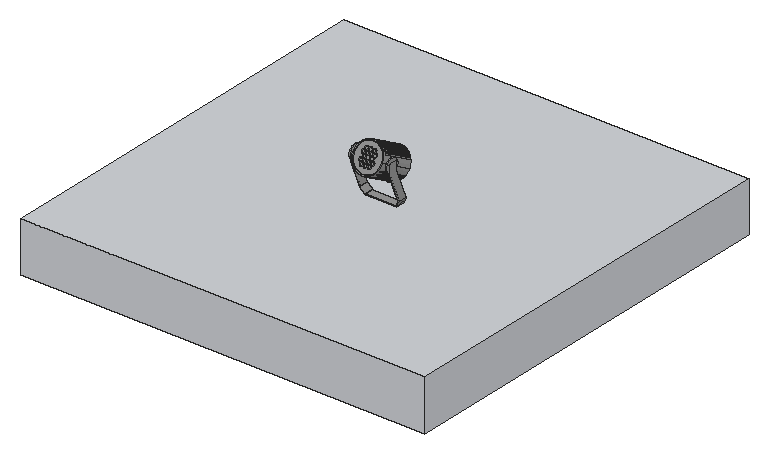
Revit family "LAMP_SHOT LED G2", category Modelos genéricos, Revit 2015
Parameters (values of type "4112LM 3000 MEDIUM FLOOD GR")
  Weight = 6.378 kg
  Type = "HI POWER NICHIA"
  Tilting [instance] = 30.00°
  Protection rating = "IP65 / IK05"
  Product datasheet = "http://www.lamp.es/product-files/TECH/SH250MF830NG-EN.pdf"
  Product code = "SH250MF830NG"
  Product URL = "http://www.lamp.es/en/family/shot_33486"
  Power Supply = "220-240V 50-60Hz"
  Power = 37 W
  Plum = 41 W
  Photometric web file = Cabeza Shot g2 : 4112LM 3000 MEDIUM FLOOD GR
  Modelo = Product code  # "SH250MF830NG"
  Model explanation = "Availability of tilting between -50º and 230º when placed in a project."
  Material lira = LAMP_Aluminio Shot
  Manufacturer name = "LAMP"
  Manufacturer country = "Spain"
  Manufacturer URL = "http://www.lamp.es/en"
  MacAdam = "3"
  Luminaire type = "Outdoor - Spotlight"
  Last update = "12/06/2019"
  Lamp = "HIGH POWER LED"
  LED Lifetime = "60.000 L90 B10"
  Insulation class = "I"
  Installation instructions = "https://www.lamp.es/product-files/INS/1004640-A-INSTR.%20SHOT%20G2.pdf"
  Initial intensity = 4112 lm
  Initial color = 3000 K
  IEE = "A+"
  Gear = "Electronic"
  Finish = "Texturised grey"
  Fabricante = Manufacturer name  # "LAMP"
  Default Elevation = 1219.2 mm
  Efficacy = 100.3 lm/W
  Descripción = "SHOT G2 5000 MFL 80 WW GR"
  Comentarios de tipo = Model explanation  # "Availability of tilting between -50º and 230º when placed in a project."
  CRI = "80"
  Angulo de rotacion [instance] = if(Tilting > 230.00°, 220.00°, if(Tilting < -50.00°, 140.00°, -Tilting + 90.00°))  # 60.00°
Reference planes
  plane 1 "Centro (Frontal/Posterior)": y = 0
  plane 2: z = 0
  plane 3 "Centro (Izquierda/Derecha)": x = 0
  plane 4: y = -82.648
  plane 5: z = 253.159
Forms (mm)
  Extrusion 1, solid
    sketch origin (0, 0, 0) x (1, 0, 0) y (0, 1, 0)
      loop
        line (-1219.2, 1219.2) -> (-1219.2, -1219.2) -> (1219.2, -1219.2) -> (1219.2, 1219.2) -> (-1219.2, 1219.2)
    from 0 to -304.8
  Extrusion 2, solid, material "LAMP_Aluminio Shot" <- "Material lira"
    sketch origin (0, 0, 0) x (0, 1, 0) y (0, 0, 1)
      loop
        line (25, 0) -> (25, 12.8) -> (-56.332, 221.405)
        arc (-56.332, 221.405) -> (-57.353, 224.974) -> (-57.698, 228.67) r 20
        line (-57.698, 228.67) -> (-57.698, 268.209) -> (-62.648, 273.159) -> (-102.648, 273.159) -> (-107.597, 268.209) -> (-107.597, 217.97)
        arc (-107.597, 217.97) -> (-107.253, 214.274) -> (-106.231, 210.705) r 20
        line (-106.231, 210.705) -> (-24.081, 0) -> (25, 0)
      loop
        circle (-64.448, 253.109) r 2.75
      loop
        circle (-100.847, 253.109) r 2.75
      loop
        circle (-82.648, 253.159) r 5.5
    from -117 to 117
  Extrusion 3, void
    sketch origin (0, 0, 0) x (1, 0, 0) y (0, 0, 1)
      loop
        arc (89.665, 4) -> (92.249, 4.719) -> (94.089, 6.67) r 5
        line (94.089, 6.67) -> (113.442, 43.423)
        arc (113.442, 43.423) -> (113.872, 44.553) -> (114.018, 45.753) r 5
        line (114.018, 45.753) -> (114.018, 273.159) -> (-114.018, 273.159) -> (-114.018, 45.214)
        arc (-114.018, 45.214) -> (-113.872, 44.014) -> (-113.442, 42.884) r 5
        line (-113.442, 42.884) -> (-94.373, 6.67)
        arc (-94.373, 6.67) -> (-92.533, 4.719) -> (-89.949, 4) r 5
        line (-89.949, 4) -> (89.665, 4)
      loop
        arc (97.769, 5.074) -> (94.273, 1.367) -> (89.363, 0) r 9.5
        line (89.363, 0) -> (129.363, 0) -> (129.363, 273.159) -> (118.018, 273.159) -> (118.018, 228.964) -> (118.018, 44.764)
        arc (118.018, 44.764) -> (117.872, 43.564) -> (117.442, 42.435) r 5
        line (117.442, 42.435) -> (97.769, 5.074)
      loop
        line (-97.769, 5.074) -> (-117.442, 42.435)
        arc (-117.442, 42.435) -> (-117.872, 43.564) -> (-118.018, 44.764) r 5
        line (-118.018, 44.764) -> (-118.018, 228.964) -> (-118.018, 273.159) -> (-122.492, 273.159) -> (-122.492, 0) -> (-89.363, 0)
        arc (-89.363, 0) -> (-94.273, 1.367) -> (-97.769, 5.074) r 9.5
    from -25 to 107.597
Cuts and joins
  Extrusion 3 cuts Extrusion 2
Lines and regions (mm)
  reference lines
    curve 1: line (0, -82.648, 253.159) -> (0, -135.524, 283.687)
Text (mm)
  text "Any modification of the parameters and properties of the LAMP BIM models must be executed and validated by the LAMP technical department.\n\nPhone: +34 93 736 68 00\n\nE-mail: lamp@lamp.es\n\n\n\nLAMP reserves the right to modify the technical specifications of its products." at (14293.96, 20715.492, -8509.343), in view "Preview"
Dimensions and locks
  "Angulo de rotacion": angle curve 1 to plane 4
  aligned and locked: plane 2 to Extrusion 1
  aligned and locked: level to Extrusion 1
  aligned and locked: plane 4 to curve 1
  aligned and locked: plane 5 to curve 1
Automatic sketch dimensions
  Extrusion 1 sketch curve to Extrusion 1 sketch curve = 2438.4 mm  (x2)
  Extrusion 2 sketch curve to plane 4 = 0 mm
  Extrusion 2 sketch curve to level = 0 mm
  plane 5 to Extrusion 2 sketch curve = 0 mm
  Extrusion 2 sketch curve to plane 4 = 4.95 mm
  plane 5 to Extrusion 2 sketch curve = 0.05 mm  (x2)
  Extrusion 2 sketch curve to plane 4 = 18.2 mm
  Extrusion 2 sketch curve to plane 4 = 20 mm
  Extrusion 2 sketch curve to Extrusion 2 sketch curve = 18.634 mm
  Extrusion 2 sketch curve to Extrusion 2 sketch curve = 4.95 mm  (x3)
  plane 4 to Extrusion 2 sketch curve = 18.2 mm
  plane 4 to Extrusion 2 sketch curve = 20 mm
  Extrusion 2 sketch curve to Extrusion 2 sketch curve = 1.366 mm
  Extrusion 2 sketch curve to Extrusion 2 sketch curve = 20 mm
  plane 1 "Centro (Frontal/Posterior)" to Extrusion 2 sketch curve = 24.081 mm
  Extrusion 2 sketch curve to plane 1 "Centro (Frontal/Posterior)" = 25 mm
  Extrusion 2 sketch curve to Extrusion 2 sketch curve = 12.8 mm
  plane 5 to Extrusion 2 sketch curve = 42.454 mm
  Extrusion 2 sketch curve to Extrusion 2 sketch curve = 3.435 mm
  Extrusion 2 sketch curve to plane 5 = 15.05 mm  (x2)
  Extrusion 3 sketch curve to level = 0 mm  (x2)
  Extrusion 3 sketch curve to plane 5 = 20 mm  (x2)
  Extrusion 3 sketch curve to plane 3 "Centro (Izquierda/Derecha)" = 122.492 mm
  Extrusion 3 sketch curve to Extrusion 3 sketch curve = 4.474 mm
  level to Extrusion 3 sketch curve = 42.435 mm  (x2)
  Extrusion 3 sketch curve to Extrusion 3 sketch curve = 0.576 mm  (x2)
  Extrusion 3 sketch curve to Extrusion 3 sketch curve = 4 mm  (x5)
  level to Extrusion 3 sketch curve = 42.884 mm
  Extrusion 3 sketch curve to Extrusion 3 sketch curve = 1 mm
  level to Extrusion 3 sketch curve = 5.074 mm  (x2)
  Extrusion 3 sketch curve to Extrusion 3 sketch curve = 24.723 mm
  level to Extrusion 3 sketch curve = 6.67 mm  (x2)
  Extrusion 3 sketch curve to Extrusion 3 sketch curve = 3.396 mm
  Extrusion 3 sketch curve to Extrusion 3 sketch curve = 4.424 mm  (x2)
  Extrusion 3 sketch curve to Extrusion 3 sketch curve = 0.586 mm
  level to Extrusion 3 sketch curve = 9.5 mm
  plane 3 "Centro (Izquierda/Derecha)" to Extrusion 3 sketch curve = 89.363 mm
  Extrusion 3 sketch curve to Extrusion 3 sketch curve = 0.302 mm
  Extrusion 3 sketch curve to Extrusion 3 sketch curve = 19.655 mm
  level to Extrusion 3 sketch curve = 43.423 mm
  Extrusion 3 sketch curve to Extrusion 3 sketch curve = 0.424 mm
  plane 3 "Centro (Izquierda/Derecha)" to Extrusion 3 sketch curve = 114.018 mm
  plane 5 to Extrusion 3 sketch curve = 24.194 mm  (x2)
  Extrusion 3 sketch curve to Extrusion 3 sketch curve = 11.345 mm
  level to Extrusion 3 sketch curve = 4 mm
  Extrusion 3 sketch curve to Extrusion 3 sketch curve = 0 mm
  radius of Extrusion 2 sketch curve = 2.75 mm  (x2)
  radius of Extrusion 2 sketch curve = 5.5 mm
Nested families
  nested 1: "Cabeza Shot g2" at (0, -1352.674, 986.409) x (-1, 0, 0) z (0, 0.866, -0.5), type <- "Photometric web file", type "4112LM 3000 MEDIUM FLOOD GR"
Connectors
  electrical at (0, 100.637, 203.616)
    settings: on nested 1, index 1, voltage 230 V, apparent load 0 VA, apparent load phase1 0 VA, apparent load phase2 0 VA, apparent load phase3 0 VA, power factor 1, load classification "Otro", number of poles 1, system type 31, power factor state 1, is connector primary yes, connector utility no, sub classification motor no, connector description ""
Definition of nested family "Cabeza Shot g2"
  Parameters (values of type "3850LM 4000 STREET ANT")
    Tilt Angle = 90.00°
    Wattage = 41 W
    built-in parameter 1150110 = 1 (stored number, unit not read)
    Material serigrafiado = none
    Material cristal = none
    Material cabeza = none
    built-in parameter 1114217 = 1 (stored number, unit not read)
    built-in parameter 1150109 = 1 (stored number, unit not read)
    Default Elevation = 1219.2 mm
    Dist. luz = 20 mm
    built-in parameter 1150134 = 12
    built-in parameter 1150113 = 1 (stored number, unit not read)
    Lumens = 3849.9 lm
    built-in parameter 1150115 = 1 (stored number, unit not read)
    built-in parameter 1150105 = 306.37 (stored number, unit not read)
    built-in parameter 1150137 = (empty or 0)
    built-in parameter 1150139 = (empty or 0)
    built-in parameter 1150112 = 1 (stored number, unit not read)
    built-in parameter 1150114 = 1 (stored number, unit not read)
    built-in parameter 1150132 = 2
    built-in parameter 1150102 = (empty or 0)
    built-in parameter 1150138 = (empty or 0)
    built-in parameter 1150107 = 4000 (stored number, unit not read)
    built-in parameter 1150106 = 3.0637 (stored number, unit not read)
    built-in parameter 1150104 = 8.7236 (stored number, unit not read)
    Dimming Lamp Color Temperature Shift = (empty or 0)
    Color Filter = 16777215
    built-in parameter 1114218 = 1 (stored number, unit not read)
    Photometric Web File = "SH250ST840NA_90.IES"
    built-in parameter 1150133 = 10 (stored number, unit not read)
  Types (21, lengths in mm): name | Wattage | built-in parameter 1150134 | Lumens | built-in parameter 1150105 | built-in parameter 1150107 | built-in parameter 1150106 | built-in parameter 1150104 | Photometric Web File
    (no name) | 41 W | 12 | 3849.9 lm | 306.37 (stored number, unit not read) | 4000 (stored number, unit not read) | 3.0637 (stored number, unit not read) | 8.7236 (stored number, unit not read) | "SH250ST840NA_90.IES"
    3850LM 4000 STREET ANT | 41 W | 12 | 3849.9 lm | 306.37 (stored number, unit not read) | 4000 (stored number, unit not read) | 3.0637 (stored number, unit not read) | 8.7236 (stored number, unit not read) | "SH250ST840NA_90.IES"
    3850LM 4000 STREET GR | 41 W | 12 | 3849.9 lm | 306.37 (stored number, unit not read) | 4000 (stored number, unit not read) | 3.0637 (stored number, unit not read) | 8.7236 (stored number, unit not read) | "SH250ST840NG_90.IES"
    4112LM 3000 MEDIUM FLOOD ANT | 41 W | (empty or 0) | 4112.3 lm | 1821.3 (stored number, unit not read) | 3000 (stored number, unit not read) | 18.213 (stored number, unit not read) | 9.3182 (stored number, unit not read) | "SH250MF830NA.IES"
    4112LM 3000 MEDIUM FLOOD GR | 41 W | (empty or 0) | 4112.3 lm | 1821.3 (stored number, unit not read) | 3000 (stored number, unit not read) | 18.213 (stored number, unit not read) | 9.3182 (stored number, unit not read) | "SH250MF830NG.IES"
    4112LM 4000 MEDIUM FLOOD ANT | 41 W | 12 | 4112.3 lm | 1821.3 (stored number, unit not read) | 4000 (stored number, unit not read) | 18.213 (stored number, unit not read) | 9.3182 (stored number, unit not read) | "SH250MF840NA.IES"
    4112LM 4000 MEDIUM FLOOD GR | 41 W | 12 | 4112.3 lm | 1821.3 (stored number, unit not read) | 4000 (stored number, unit not read) | 18.213 (stored number, unit not read) | 9.3182 (stored number, unit not read) | "SH250MF840NG.IES"
    4127LM 3000 SPOT ANT | 41 W | (empty or 0) | 4128.7 lm | 19397 (stored number, unit not read) | 3000 (stored number, unit not read) | 193.97 (stored number, unit not read) | 9.3553 (stored number, unit not read) | "SH250SP830NA.IES"
    4127LM 3000 SPOT GR | 41 W | (empty or 0) | 4128.7 lm | 19397 (stored number, unit not read) | 3000 (stored number, unit not read) | 193.97 (stored number, unit not read) | 9.3553 (stored number, unit not read) | "SH250SP830NG.IES"
    4127LM 4000 SPOT ANT | 41 W | 12 | 4128.7 lm | 19397 (stored number, unit not read) | 4000 (stored number, unit not read) | 193.97 (stored number, unit not read) | 9.3553 (stored number, unit not read) | "SH250SP840NA.IES"
    4127LM 4000 SPOT GR | 41 W | 12 | 4128.7 lm | 19397 (stored number, unit not read) | 4000 (stored number, unit not read) | 193.97 (stored number, unit not read) | 9.3553 (stored number, unit not read) | "SH250SP840NG.IES"
    5050LM 4000 STREET ANT | 61.2 W | 12 | 5049 lm | 75359.2 (stored number, unit not read) | 4000 (stored number, unit not read) | 753.59 (stored number, unit not read) | 7.6645 (stored number, unit not read) | "SH270ST840NA_90.IES"
    5050LM 4000 STREET GR | 61.2 W | 12 | 5049 lm | 75359.2 (stored number, unit not read) | 4000 (stored number, unit not read) | 753.59 (stored number, unit not read) | 7.6645 (stored number, unit not read) | "SH270ST840NG_90.IES"
    5396LM 3000 MEDIUM FLOOD ANT | 61.2 W | (empty or 0) | 5397.84 lm | 2402.3 (stored number, unit not read) | 3000 (stored number, unit not read) | 24.023 (stored number, unit not read) | 8.194 (stored number, unit not read) | "SH270MF830NA.IES"
    5396LM 3000 MEDIUM FLOOD GR | 61.2 W | (empty or 0) | 5397.84 lm | 2402.3 (stored number, unit not read) | 3000 (stored number, unit not read) | 24.023 (stored number, unit not read) | 8.194 (stored number, unit not read) | "SH270MF830NG.IES"
    5396LM 4000 MEDIUM FLOOD ANT | 61.2 W | 12 | 5397.84 lm | 2402.3 (stored number, unit not read) | 4000 (stored number, unit not read) | 24.023 (stored number, unit not read) | 8.194 (stored number, unit not read) | "SH270MF840NA.IES"
    5396LM 4000 MEDIUM FLOOD GR | 61.2 W | 12 | 5397.84 lm | 2402.3 (stored number, unit not read) | 4000 (stored number, unit not read) | 24.023 (stored number, unit not read) | 8.194 (stored number, unit not read) | "SH270MF840NG.IES"
    5419LM 3000 SPOT ANT | 61.2 W | (empty or 0) | 5416.2 lm | 25445.8 (stored number, unit not read) | 3000 (stored number, unit not read) | 254.46 (stored number, unit not read) | 8.2219 (stored number, unit not read) | "SH270SP830NA.IES"
    5419LM 3000 SPOT GR | 61.2 W | (empty or 0) | 5416.2 lm | 25445.8 (stored number, unit not read) | 3000 (stored number, unit not read) | 254.46 (stored number, unit not read) | 8.2219 (stored number, unit not read) | "SH270SP830NG.IES"
    5419LM 4000 SPOT ANT | 61.2 W | 12 | 5416.2 lm | 25445.8 (stored number, unit not read) | 4000 (stored number, unit not read) | 254.46 (stored number, unit not read) | 8.2219 (stored number, unit not read) | "SH270SP840NA.IES"
    5419LM 4000 SPOT GR | 61.2 W | 12 | 5416.2 lm | 25445.8 (stored number, unit not read) | 4000 (stored number, unit not read) | 254.46 (stored number, unit not read) | 8.2219 (stored number, unit not read) | "SH270SP840NG.IES"
  Reference planes
    plane 1 "Eje de origen de luz (F/P)": y = 0
    plane 2: z = 0
    plane 3 "Eje de origen de luz (I/D)": x = 0
    plane 4 "Elevación de origen de luz": z = 1400
    plane 5: z = 1420
  Forms (mm)
    Revolve 1, solid, material <- "Material cabeza"
      sketch origin (0, 0, 0) x (1, 0, 0) y (0, 0, 1)
        loop
          line (90, 1420) -> (90, 1650) -> (0, 1650) -> (0, 1429) -> (85, 1429) -> (85, 1420) -> (90, 1420)
        axis (0, 1650) -> (0, 1420)
      angle from 0 to 360
    Extrusion 2, void
      sketch origin (0, 0, 1400) x (0, -1, 0) y (1, 0, 0)
        loop
          arc (77.945, -53.1) -> (79.496, -50.873) -> (80.98, -48.6) r 90
          line (80.98, -48.6) -> (-80.88, -48.6)
          arc (-80.88, -48.6) -> (-79.408, -50.873) -> (-77.868, -53.1) r 90
          line (-77.868, -53.1) -> (77.945, -53.1)
        loop
          arc (89.817, -46) -> (91.051, -43.767) -> (92.221, -41.5) r 90
          line (92.221, -41.5) -> (-85.289, -41.5)
          arc (-85.289, -41.5) -> (-84.068, -43.768) -> (-82.784, -46) r 90
          line (-82.784, -46) -> (89.817, -46)
        loop
          arc (90.244, -38.9) -> (91.27, -36.664) -> (92.234, -34.4) r 90
          line (92.234, -34.4) -> (-88.096, -34.4)
          arc (-88.096, -34.4) -> (-87.105, -36.664) -> (-86.053, -38.9) r 90
          line (-86.053, -38.9) -> (90.244, -38.9)
        loop
          arc (93.151, -31.8) -> (93.98, -29.511) -> (94.747, -27.2) r 90
          line (94.747, -27.2) -> (-90.762, -27.2)
          arc (-90.762, -27.2) -> (-90.003, -29.511) -> (-89.182, -31.8) r 90
          line (-89.182, -31.8) -> (93.151, -31.8)
        loop
          line (96.162, -20.002) -> (14.323, -20.002)
          arc (14.323, -20.002) -> (0, -24.601) -> (-14.323, -20.002) r 24.601
          line (-14.323, -20.002) -> (-92.905, -20.002)
          arc (-92.905, -20.002) -> (-92.307, -22.466) -> (-91.639, -24.912) r 89.999
          line (-91.639, -24.912) -> (94.896, -24.912)
          arc (94.896, -24.912) -> (95.564, -22.466) -> (96.162, -20.002) r 89.999
        loop
          line (17.4, -17.4) -> (95.682, -17.4)
          arc (95.682, -17.4) -> (96.097, -15.105) -> (96.451, -12.8) r 90
          line (96.451, -12.8) -> (21.016, -12.8)
          arc (21.016, -12.8) -> (19.345, -15.208) -> (17.4, -17.4) r 24.607
        loop
          arc (23.962, -5.6) -> (23.292, -7.939) -> (22.394, -10.2) r 24.607
          line (22.394, -10.2) -> (96.141, -10.2)
          arc (96.141, -10.2) -> (96.388, -7.903) -> (96.575, -5.6) r 90
          line (96.575, -5.6) -> (23.962, -5.6)
        loop
          line (24.5, -2.3) -> (98.648, -2.3)
          arc (98.648, -2.3) -> (98.684, 0) -> (98.661, 2.3) r 90
          line (98.661, 2.3) -> (24.5, 2.3)
          arc (24.5, 2.3) -> (24.607, 0) -> (24.5, -2.3) r 24.607
        loop
          line (81.988, 53.1) -> (-77.922, 53.1)
          arc (-77.922, 53.1) -> (-79.482, 50.873) -> (-80.974, 48.6) r 90
          line (-80.974, 48.6) -> (84.861, 48.6)
          arc (84.861, 48.6) -> (83.458, 50.871) -> (81.988, 53.1) r 90
        loop
          line (82.784, 46) -> (-82.237, 46)
          arc (-82.237, 46) -> (-83.495, 43.767) -> (-84.689, 41.5) r 90
          line (-84.689, 41.5) -> (85.289, 41.5)
          arc (85.289, 41.5) -> (84.068, 43.768) -> (82.784, 46) r 90
        loop
          line (86.044, 38.9) -> (-85.348, 38.9)
          arc (-85.348, 38.9) -> (-86.377, 36.664) -> (-87.344, 34.4) r 90
          line (-87.344, 34.4) -> (88.051, 34.4)
          arc (88.051, 34.4) -> (87.078, 36.664) -> (86.044, 38.9) r 90
        loop
          line (91.251, 31.8) -> (-88.03, 31.8)
          arc (-88.03, 31.8) -> (-88.838, 29.51) -> (-89.583, 27.2) r 90
          line (-89.583, 27.2) -> (92.847, 27.2)
          arc (92.847, 27.2) -> (92.08, 29.511) -> (91.251, 31.8) r 90
        loop
          arc (92.906, 20) -> (92.307, 22.465) -> (91.64, 24.912) r 90
          line (91.64, 24.912) -> (-92.574, 24.912)
          arc (-92.574, 24.912) -> (-93.221, 22.465) -> (-93.798, 20) r 90
          line (-93.798, 20) -> (-14.336, 20)
          arc (-14.336, 20) -> (0, 24.607) -> (14.336, 20) r 24.607
          line (14.336, 20) -> (92.906, 20)
        loop
          arc (17.4, 17.4) -> (19.345, 15.208) -> (21.016, 12.8) r 24.607
          line (21.016, 12.8) -> (96.797, 12.8)
          arc (96.797, 12.8) -> (96.457, 15.105) -> (96.057, 17.4) r 90
          line (96.057, 17.4) -> (17.4, 17.4)
        loop
          line (23.962, 5.6) -> (96.067, 5.6)
          arc (96.067, 5.6) -> (95.894, 7.903) -> (95.662, 10.2) r 90
          line (95.662, 10.2) -> (22.394, 10.2)
          arc (22.394, 10.2) -> (23.292, 7.939) -> (23.962, 5.6) r 24.607
        loop
          arc (-17.4, -17.4) -> (-19.345, -15.208) -> (-21.016, -12.8) r 24.607
          line (-21.016, -12.8) -> (-93.646, -12.8)
          arc (-93.646, -12.8) -> (-93.27, -15.105) -> (-92.834, -17.4) r 90
          line (-92.834, -17.4) -> (-17.4, -17.4)
        loop
          arc (-22.394, -10.2) -> (-23.292, -7.939) -> (-23.962, -5.6) r 24.607
          line (-23.962, -5.6) -> (-94.989, -5.6)
          arc (-94.989, -5.6) -> (-94.811, -7.903) -> (-94.574, -10.2) r 90
          line (-94.574, -10.2) -> (-22.394, -10.2)
        loop
          arc (-24.5, -2.3) -> (-24.607, 0) -> (-24.5, 2.3) r 24.607
          line (-24.5, 2.3) -> (-95.518, 2.3)
          arc (-95.518, 2.3) -> (-95.529, 0) -> (-95.481, -2.3) r 90
          line (-95.481, -2.3) -> (-24.5, -2.3)
        loop
          arc (-23.962, 5.6) -> (-23.292, 7.939) -> (-22.394, 10.2) r 24.607
          line (-22.394, 10.2) -> (-95.049, 10.2)
          arc (-95.049, 10.2) -> (-95.258, 7.902) -> (-95.408, 5.6) r 90
          line (-95.408, 5.6) -> (-23.962, 5.6)
        loop
          arc (-21.016, 12.8) -> (-19.345, 15.208) -> (-17.4, 17.4) r 24.607
          line (-17.4, 17.4) -> (-94.573, 17.4)
          arc (-94.573, 17.4) -> (-94.966, 15.105) -> (-95.299, 12.8) r 90
          line (-95.299, 12.8) -> (-21.016, 12.8)
        loop
          arc (77.945, -67.3) -> (79.496, -65.073) -> (80.98, -62.8) r 90
          line (80.98, -62.8) -> (-80.88, -62.8)
          arc (-80.88, -62.8) -> (-79.408, -65.073) -> (-77.868, -67.3) r 90
          line (-77.868, -67.3) -> (77.945, -67.3)
        loop
          arc (89.817, -60.2) -> (91.051, -57.967) -> (92.221, -55.7) r 90
          line (92.221, -55.7) -> (-85.289, -55.7)
          arc (-85.289, -55.7) -> (-84.068, -57.968) -> (-82.784, -60.2) r 90
          line (-82.784, -60.2) -> (89.817, -60.2)
        loop
          arc (77.945, -81.5) -> (79.496, -79.273) -> (80.98, -77) r 90
          line (80.98, -77) -> (-80.88, -77)
          arc (-80.88, -77) -> (-79.408, -79.273) -> (-77.868, -81.5) r 90
          line (-77.868, -81.5) -> (77.945, -81.5)
        loop
          arc (89.817, -74.4) -> (91.051, -72.167) -> (92.221, -69.9) r 90
          line (92.221, -69.9) -> (-85.289, -69.9)
          arc (-85.289, -69.9) -> (-84.068, -72.168) -> (-82.784, -74.4) r 90
          line (-82.784, -74.4) -> (89.817, -74.4)
        loop
          line (77.945, 67.3) -> (-77.868, 67.3)
          arc (-77.868, 67.3) -> (-79.408, 65.073) -> (-80.88, 62.8) r 90
          line (-80.88, 62.8) -> (80.98, 62.8)
          arc (80.98, 62.8) -> (79.496, 65.073) -> (77.945, 67.3) r 90
        loop
          line (89.817, 60.2) -> (-82.784, 60.2)
          arc (-82.784, 60.2) -> (-84.068, 57.968) -> (-85.289, 55.7) r 90
          line (-85.289, 55.7) -> (92.221, 55.7)
          arc (92.221, 55.7) -> (91.051, 57.967) -> (89.817, 60.2) r 90
        loop
          line (77.945, 81.5) -> (-77.868, 81.5)
          arc (-77.868, 81.5) -> (-79.408, 79.273) -> (-80.88, 77) r 90
          line (-80.88, 77) -> (80.98, 77)
          arc (80.98, 77) -> (79.496, 79.273) -> (77.945, 81.5) r 90
        loop
          line (89.817, 74.4) -> (-82.784, 74.4)
          arc (-82.784, 74.4) -> (-84.068, 72.168) -> (-85.289, 69.9) r 90
          line (-85.289, 69.9) -> (92.221, 69.9)
          arc (92.221, 69.9) -> (91.051, 72.167) -> (89.817, 74.4) r 90
      from 246.6 to 250
    Extrusion 3, void
      sketch origin (0, 0, 1400) x (0, -1, 0) y (1, 0, 0)
        loop
          line (-38.18, -81.5) -> (-24.14, -81.5)
          arc (-24.14, -81.5) -> (-30.154, -79.472) -> (-36, -77) r 85
          line (-36, -77) -> (-46.594, -77)
          arc (-46.594, -77) -> (-42.447, -79.362) -> (-38.18, -81.5) r 90
        loop
          line (-50.642, -74.4) -> (-41.105, -74.4)
          arc (-41.105, -74.4) -> (-44.791, -72.241) -> (-48.363, -69.9) r 85
          line (-48.363, -69.9) -> (-56.692, -69.9)
          arc (-56.692, -69.9) -> (-53.714, -72.213) -> (-50.642, -74.4) r 90
        loop
          line (-59.755, -67.3) -> (-51.92, -67.3)
          arc (-51.92, -67.3) -> (-54.647, -65.105) -> (-57.281, -62.8) r 85
          line (-57.281, -62.8) -> (-64.468, -62.8)
          arc (-64.468, -62.8) -> (-62.153, -65.093) -> (-59.755, -67.3) r 90
        loop
          line (-66.903, -60.2) -> (-60.2, -60.2)
          arc (-60.2, -60.2) -> (-62.334, -57.988) -> (-64.386, -55.7) r 85.136
          line (-64.386, -55.7) -> (-70.693, -55.7)
          arc (-70.693, -55.7) -> (-68.835, -57.981) -> (-66.903, -60.2) r 90
        loop
          line (-72.666, -53.1) -> (-66.373, -53.1)
          arc (-66.373, -53.1) -> (-68.091, -50.878) -> (-69.736, -48.6) r 85
          line (-69.736, -48.6) -> (-75.75, -48.6)
          arc (-75.75, -48.6) -> (-74.242, -50.873) -> (-72.666, -53.1) r 90
        loop
          line (-77.356, -46) -> (-71.477, -46)
          arc (-71.477, -46) -> (-72.864, -43.771) -> (-74.181, -41.5) r 85
          line (-74.181, -41.5) -> (-79.861, -41.5)
          arc (-79.861, -41.5) -> (-78.641, -43.768) -> (-77.356, -46) r 90
        loop
          line (-81.159, -38.9) -> (-75.576, -38.9)
          arc (-75.576, -38.9) -> (-76.685, -36.666) -> (-77.728, -34.4) r 85
          line (-77.728, -34.4) -> (-83.166, -34.4)
          arc (-83.166, -34.4) -> (-82.193, -36.664) -> (-81.159, -38.9) r 90
        loop
          line (-84.195, -31.8) -> (-78.827, -31.8)
          arc (-78.827, -31.8) -> (-79.712, -29.512) -> (-80.53, -27.2) r 85
          line (-80.53, -27.2) -> (-85.791, -27.2)
          arc (-85.791, -27.2) -> (-85.024, -29.511) -> (-84.195, -31.8) r 90
        loop
          line (-86.483, -24.912) -> (-81.267, -24.912)
          arc (-81.267, -24.912) -> (-81.977, -22.467) -> (-82.613, -20.002) r 85
          line (-82.613, -20.002) -> (-87.749, -20.002)
          arc (-87.749, -20.002) -> (-87.151, -22.466) -> (-86.483, -24.912) r 90
        loop
          line (-88.302, -17.4) -> (-83.2, -17.4)
          arc (-83.2, -17.4) -> (-83.647, -15.106) -> (-84.031, -12.8) r 85
          line (-84.031, -12.8) -> (-89.085, -12.8)
          arc (-89.085, -12.8) -> (-88.723, -15.105) -> (-88.302, -17.4) r 90
        loop
          line (-89.42, -10.2) -> (-84.386, -10.2)
          arc (-84.386, -10.2) -> (-84.632, -7.903) -> (-84.815, -5.6) r 85
          line (-84.815, -5.6) -> (-89.826, -5.6)
          arc (-89.826, -5.6) -> (-89.652, -7.903) -> (-89.42, -10.2) r 90
        loop
          arc (-38.18, 81.5) -> (-42.447, 79.362) -> (-46.594, 77) r 90
          line (-46.594, 77) -> (-36, 77)
          arc (-36, 77) -> (-30.154, 79.472) -> (-24.14, 81.5) r 85
          line (-24.14, 81.5) -> (-38.18, 81.5)
        loop
          arc (-50.642, 74.4) -> (-53.714, 72.213) -> (-56.692, 69.9) r 90
          line (-56.692, 69.9) -> (-48.363, 69.9)
          arc (-48.363, 69.9) -> (-44.791, 72.241) -> (-41.105, 74.4) r 85
          line (-41.105, 74.4) -> (-50.642, 74.4)
        loop
          arc (-59.755, 67.3) -> (-62.153, 65.093) -> (-64.468, 62.8) r 90
          line (-64.468, 62.8) -> (-57.281, 62.8)
          arc (-57.281, 62.8) -> (-54.647, 65.105) -> (-51.92, 67.3) r 85
          line (-51.92, 67.3) -> (-59.755, 67.3)
        loop
          arc (-66.903, 60.2) -> (-68.835, 57.981) -> (-70.693, 55.7) r 90
          line (-70.693, 55.7) -> (-64.386, 55.7)
          arc (-64.386, 55.7) -> (-62.334, 57.988) -> (-60.2, 60.2) r 85.136
          line (-60.2, 60.2) -> (-66.903, 60.2)
        loop
          arc (-72.666, 53.1) -> (-74.242, 50.873) -> (-75.75, 48.6) r 90
          line (-75.75, 48.6) -> (-69.736, 48.6)
          arc (-69.736, 48.6) -> (-68.091, 50.878) -> (-66.373, 53.1) r 85
          line (-66.373, 53.1) -> (-72.666, 53.1)
        loop
          arc (-77.356, 46) -> (-78.641, 43.768) -> (-79.861, 41.5) r 90
          line (-79.861, 41.5) -> (-74.181, 41.5)
          arc (-74.181, 41.5) -> (-72.864, 43.771) -> (-71.477, 46) r 85
          line (-71.477, 46) -> (-77.356, 46)
        loop
          arc (-81.159, 38.9) -> (-82.193, 36.664) -> (-83.166, 34.4) r 90
          line (-83.166, 34.4) -> (-77.728, 34.4)
          arc (-77.728, 34.4) -> (-76.685, 36.666) -> (-75.576, 38.9) r 85
          line (-75.576, 38.9) -> (-81.159, 38.9)
        loop
          arc (-84.195, 31.8) -> (-85.024, 29.511) -> (-85.791, 27.2) r 90
          line (-85.791, 27.2) -> (-80.53, 27.2)
          arc (-80.53, 27.2) -> (-79.712, 29.512) -> (-78.827, 31.8) r 85
          line (-78.827, 31.8) -> (-84.195, 31.8)
        loop
          arc (-86.483, 24.912) -> (-87.151, 22.466) -> (-87.749, 20.002) r 90
          line (-87.749, 20.002) -> (-82.613, 20.002)
          arc (-82.613, 20.002) -> (-81.977, 22.467) -> (-81.267, 24.912) r 85
          line (-81.267, 24.912) -> (-86.483, 24.912)
        loop
          arc (-88.302, 17.4) -> (-88.723, 15.105) -> (-89.085, 12.8) r 90
          line (-89.085, 12.8) -> (-84.031, 12.8)
          arc (-84.031, 12.8) -> (-83.647, 15.106) -> (-83.2, 17.4) r 85
          line (-83.2, 17.4) -> (-88.302, 17.4)
        loop
          arc (-89.42, 10.2) -> (-89.652, 7.903) -> (-89.826, 5.6) r 90
          line (-89.826, 5.6) -> (-84.815, 5.6)
          arc (-84.815, 5.6) -> (-84.632, 7.903) -> (-84.386, 10.2) r 85
          line (-84.386, 10.2) -> (-89.42, 10.2)
        loop
          line (-89.971, -2.3) -> (-84.969, -2.3)
          arc (-84.969, -2.3) -> (-85, 0) -> (-84.969, 2.3) r 85
          line (-84.969, 2.3) -> (-89.971, 2.3)
          arc (-89.971, 2.3) -> (-90, 0) -> (-89.971, -2.3) r 90
        loop
          arc (38.18, -81.5) -> (42.447, -79.362) -> (46.594, -77) r 90
          line (46.594, -77) -> (36, -77)
          arc (36, -77) -> (30.154, -79.472) -> (24.14, -81.5) r 85
          line (24.14, -81.5) -> (38.18, -81.5)
        loop
          arc (50.642, -74.4) -> (53.714, -72.213) -> (56.692, -69.9) r 90
          line (56.692, -69.9) -> (48.363, -69.9)
          arc (48.363, -69.9) -> (44.791, -72.241) -> (41.105, -74.4) r 85
          line (41.105, -74.4) -> (50.642, -74.4)
        loop
          arc (59.755, -67.3) -> (62.153, -65.093) -> (64.468, -62.8) r 90
          line (64.468, -62.8) -> (57.281, -62.8)
          arc (57.281, -62.8) -> (54.647, -65.105) -> (51.92, -67.3) r 85
          line (51.92, -67.3) -> (59.755, -67.3)
        loop
          arc (66.903, -60.2) -> (68.835, -57.981) -> (70.693, -55.7) r 90
          line (70.693, -55.7) -> (64.386, -55.7)
          arc (64.386, -55.7) -> (62.334, -57.988) -> (60.2, -60.2) r 85.136
          line (60.2, -60.2) -> (66.903, -60.2)
        loop
          arc (72.666, -53.1) -> (74.242, -50.873) -> (75.75, -48.6) r 90
          line (75.75, -48.6) -> (69.736, -48.6)
          arc (69.736, -48.6) -> (68.091, -50.878) -> (66.373, -53.1) r 85
          line (66.373, -53.1) -> (72.666, -53.1)
        loop
          arc (77.356, -46) -> (78.641, -43.768) -> (79.861, -41.5) r 90
          line (79.861, -41.5) -> (74.181, -41.5)
          arc (74.181, -41.5) -> (72.864, -43.771) -> (71.477, -46) r 85
          line (71.477, -46) -> (77.356, -46)
        loop
          arc (81.159, -38.9) -> (82.193, -36.664) -> (83.166, -34.4) r 90
          line (83.166, -34.4) -> (77.728, -34.4)
          arc (77.728, -34.4) -> (76.685, -36.666) -> (75.576, -38.9) r 85
          line (75.576, -38.9) -> (81.159, -38.9)
        loop
          arc (84.195, -31.8) -> (85.024, -29.511) -> (85.791, -27.2) r 90
          line (85.791, -27.2) -> (80.53, -27.2)
          arc (80.53, -27.2) -> (79.712, -29.512) -> (78.827, -31.8) r 85
          line (78.827, -31.8) -> (84.195, -31.8)
        loop
          arc (86.483, -24.912) -> (87.151, -22.466) -> (87.749, -20.002) r 90
          line (87.749, -20.002) -> (82.613, -20.002)
          arc (82.613, -20.002) -> (81.977, -22.467) -> (81.267, -24.912) r 85
          line (81.267, -24.912) -> (86.483, -24.912)
        loop
          arc (88.302, -17.4) -> (88.723, -15.105) -> (89.085, -12.8) r 90
          line (89.085, -12.8) -> (84.031, -12.8)
          arc (84.031, -12.8) -> (83.647, -15.106) -> (83.2, -17.4) r 85
          line (83.2, -17.4) -> (88.302, -17.4)
        loop
          arc (89.42, -10.2) -> (89.652, -7.903) -> (89.826, -5.6) r 90
          line (89.826, -5.6) -> (84.815, -5.6)
          arc (84.815, -5.6) -> (84.632, -7.903) -> (84.386, -10.2) r 85
          line (84.386, -10.2) -> (89.42, -10.2)
        loop
          line (38.18, 81.5) -> (24.14, 81.5)
          arc (24.14, 81.5) -> (30.154, 79.472) -> (36, 77) r 85
          line (36, 77) -> (46.594, 77)
          arc (46.594, 77) -> (42.447, 79.362) -> (38.18, 81.5) r 90
        loop
          line (50.642, 74.4) -> (41.105, 74.4)
          arc (41.105, 74.4) -> (44.791, 72.241) -> (48.363, 69.9) r 85
          line (48.363, 69.9) -> (56.692, 69.9)
          arc (56.692, 69.9) -> (53.714, 72.213) -> (50.642, 74.4) r 90
        loop
          line (59.755, 67.3) -> (51.92, 67.3)
          arc (51.92, 67.3) -> (54.647, 65.105) -> (57.281, 62.8) r 85
          line (57.281, 62.8) -> (64.468, 62.8)
          arc (64.468, 62.8) -> (62.153, 65.093) -> (59.755, 67.3) r 90
        loop
          line (66.903, 60.2) -> (60.2, 60.2)
          arc (60.2, 60.2) -> (62.334, 57.988) -> (64.386, 55.7) r 85.136
          line (64.386, 55.7) -> (70.693, 55.7)
          arc (70.693, 55.7) -> (68.835, 57.981) -> (66.903, 60.2) r 90
        loop
          line (72.666, 53.1) -> (66.373, 53.1)
          arc (66.373, 53.1) -> (68.091, 50.878) -> (69.736, 48.6) r 85
          line (69.736, 48.6) -> (75.75, 48.6)
          arc (75.75, 48.6) -> (74.242, 50.873) -> (72.666, 53.1) r 90
        loop
          line (77.356, 46) -> (71.477, 46)
          arc (71.477, 46) -> (72.864, 43.771) -> (74.181, 41.5) r 85
          line (74.181, 41.5) -> (79.861, 41.5)
          arc (79.861, 41.5) -> (78.641, 43.768) -> (77.356, 46) r 90
        loop
          line (81.159, 38.9) -> (75.576, 38.9)
          arc (75.576, 38.9) -> (76.685, 36.666) -> (77.728, 34.4) r 85
          line (77.728, 34.4) -> (83.166, 34.4)
          arc (83.166, 34.4) -> (82.193, 36.664) -> (81.159, 38.9) r 90
        loop
          line (84.195, 31.8) -> (78.827, 31.8)
          arc (78.827, 31.8) -> (79.712, 29.512) -> (80.53, 27.2) r 85
          line (80.53, 27.2) -> (85.791, 27.2)
          arc (85.791, 27.2) -> (85.024, 29.511) -> (84.195, 31.8) r 90
        loop
          line (86.483, 24.912) -> (81.267, 24.912)
          arc (81.267, 24.912) -> (81.977, 22.467) -> (82.613, 20.002) r 85
          line (82.613, 20.002) -> (87.749, 20.002)
          arc (87.749, 20.002) -> (87.151, 22.466) -> (86.483, 24.912) r 90
        loop
          line (88.302, 17.4) -> (83.2, 17.4)
          arc (83.2, 17.4) -> (83.647, 15.106) -> (84.031, 12.8) r 85
          line (84.031, 12.8) -> (89.085, 12.8)
          arc (89.085, 12.8) -> (88.723, 15.105) -> (88.302, 17.4) r 90
        loop
          line (89.42, 10.2) -> (84.386, 10.2)
          arc (84.386, 10.2) -> (84.632, 7.903) -> (84.815, 5.6) r 85
          line (84.815, 5.6) -> (89.826, 5.6)
          arc (89.826, 5.6) -> (89.652, 7.903) -> (89.42, 10.2) r 90
        loop
          arc (89.971, -2.3) -> (90, 0) -> (89.971, 2.3) r 90
          line (89.971, 2.3) -> (84.969, 2.3)
          arc (84.969, 2.3) -> (85, 0) -> (84.969, -2.3) r 85
          line (84.969, -2.3) -> (89.971, -2.3)
      from 29 to 250
    Extrusion 4, void
      sketch origin (0, 0, 1400) x (0, -1, 0) y (1, 0, 0)
        loop
          arc (-21.303, -81.5) -> (-79.623, 1.985) -> (-15.995, 81.5) r 85
          line (-15.995, 81.5) -> (-56.775, 81.5)
          arc (-56.775, 81.5) -> (-108.692, 0.062) -> (-56.97, -81.5) r 90
          line (-56.97, -81.5) -> (-21.303, -81.5)
        loop
          line (21.303, -81.5) -> (56.97, -81.5)
          arc (56.97, -81.5) -> (108.692, 0.062) -> (56.775, 81.5) r 90
          line (56.775, 81.5) -> (15.995, 81.5)
          arc (15.995, 81.5) -> (79.623, 1.985) -> (21.303, -81.5) r 85
      from 60 to 73
    Extrusion 5, solid, material <- "Material serigrafiado"
      sketch origin (0, 0, 1400) x (0, -1, 0) y (1, 0, 0)
        loop
          circle (0, 0) r 85
        loop
          circle (0, -23) r 10.3
        loop
          circle (0, 23) r 10.3
        loop
          circle (-19.947, -11.5) r 10.3
        loop
          circle (-19.947, 11.5) r 10.3
        loop
          circle (-19.947, 34.5) r 10.3
        loop
          circle (-19.947, -34.5) r 10.3
        loop
          circle (-40.247, -23) r 10.3
        loop
          circle (-40.247, 23) r 10.3
        loop
          circle (19.947, -11.5) r 10.3
        loop
          circle (19.947, 11.5) r 10.3
        loop
          circle (19.947, 34.5) r 10.3
        loop
          circle (19.947, -34.5) r 10.3
        loop
          circle (40.247, -23) r 10.3
        loop
          circle (40.247, 23) r 10.3
        loop
          circle (-40.247, 0) r 10.3
        loop
          circle (40.247, 0) r 10.3
      from 20 to 29
    Extrusion 6, solid, material <- "Material cristal"
      sketch origin (0, 0, 1400) x (0, -1, 0) y (1, 0, 0)
        loop
          circle (-40.247, -23) r 10.3
        loop
          circle (-19.947, -34.5) r 10.3
        loop
          circle (-19.947, -11.5) r 10.3
        loop
          circle (-40.247, 23) r 10.3
        loop
          circle (-19.947, 34.5) r 10.3
        loop
          circle (-19.947, 11.5) r 10.3
        loop
          circle (40.247, -23) r 10.3
        loop
          circle (19.947, -34.5) r 10.3
        loop
          circle (19.947, -11.5) r 10.3
        loop
          circle (40.247, 23) r 10.3
        loop
          circle (19.947, 34.5) r 10.3
        loop
          circle (19.947, 11.5) r 10.3
        loop
          circle (0, -23) r 10.3
        loop
          circle (0, 23) r 10.3
        loop
          circle (-40.247, 0) r 10.3
        loop
          circle (40.247, 0) r 10.3
      from 20 to 29
    Extrusion 7, solid, material <- "Material cabeza"
      sketch origin (0, 0, 10) x (1, 0, 0) y (0, 0, 1)
        loop
          line (88.468, 1469) -> (88.468, 1444) -> (100, 1444) -> (100, 1469) -> (88.468, 1469)
      from -12.5 to 12.5
    Revolve 8, solid, material <- "Material cabeza"
      sketch origin (0, 0, 10) x (1, 0, 0) y (0, 0, 1)
        loop
          line (114, 1496.5) -> (105, 1496.5) -> (100, 1469) -> (100, 1456.5) -> (114, 1456.5) -> (114, 1496.5)
        axis (100, 1456.5) -> (114, 1456.5)
      angle from 0 to 360
    Extrusion 9, solid, material <- "Material cabeza"
      sketch origin (0, 0, 10) x (-1, 0, 0) y (0, 0, -1)
        loop
          line (88.468, -1469) -> (100, -1469) -> (100, -1444) -> (88.468, -1444) -> (88.468, -1469)
      from -12.5 to 12.5
    Revolve 10, solid, material <- "Material cabeza"
      sketch origin (0, 0, 10) x (-1, 0, 0) y (0, 0, 1)
        loop
          line (114, 1496.5) -> (105, 1496.5) -> (100, 1469) -> (100, 1456.5) -> (114, 1456.5) -> (114, 1496.5)
        axis (100, 1456.5) -> (114, 1456.5)
      angle from 0 to 360
    Extrusion 11, solid
      sketch origin (0, 0, 1400) x (0, -1, 0) y (1, 0, 0)
        loop
          arc (7.451, -19.911) -> (7.978, -19.693) -> (8.196, -19.165) r 0.745
          line (8.196, -19.165) -> (8.196, -14.626)
          arc (8.196, -14.626) -> (8.052, -14.176) -> (7.673, -13.893) r 0.775
          line (7.673, -13.893) -> (-5.522, -9.353) -> (7.601, -4.838)
          arc (7.601, -4.838) -> (7.957, -4.572) -> (8.092, -4.15) r 0.727
          line (8.092, -4.15) -> (8.092, -0.88)
          arc (8.092, -0.88) -> (7.879, -0.365) -> (7.363, -0.151) r 0.729
          line (7.363, -0.151) -> (-5.605, -0.151) -> (-1.499, 3.954) -> (-5.605, 8.059) -> (7.489, 8.059)
          arc (7.489, 8.059) -> (7.989, 8.267) -> (8.196, 8.767) r 0.708
          line (8.196, 8.767) -> (8.196, 13.844)
          arc (8.196, 13.844) -> (7.972, 14.385) -> (7.43, 14.61) r 0.766
          line (7.43, 14.61) -> (-4.969, 14.61)
          arc (-4.969, 14.61) -> (-5.493, 14.826) -> (-5.71, 15.35) r 0.74
          line (-5.71, 15.35) -> (-5.71, 18.794)
          arc (-5.71, 18.794) -> (-5.486, 19.333) -> (-4.947, 19.556) r 0.762
          line (-4.947, 19.556) -> (-2.345, 19.556)
          arc (-2.345, 19.556) -> (-1.81, 19.334) -> (-1.588, 18.799) r 0.758
          line (-1.588, 18.799) -> (-1.588, 15.627)
          arc (-1.588, 15.627) -> (-0.763, 14.803) -> (0.061, 15.627) r 0.824
          line (0.061, 15.627) -> (0.061, 20.466)
          arc (0.061, 20.466) -> (-0.155, 20.988) -> (-0.678, 21.205) r 0.739
          line (-0.678, 21.205) -> (-6.583, 21.205)
          arc (-6.583, 21.205) -> (-7.131, 20.978) -> (-7.359, 20.429) r 0.776
          line (-7.359, 20.429) -> (-7.359, 13.727)
          arc (-7.359, 13.727) -> (-7.134, 13.185) -> (-6.593, 12.961) r 0.766
          line (-6.593, 12.961) -> (5.802, 12.961)
          arc (5.802, 12.961) -> (6.344, 12.736) -> (6.569, 12.195) r 0.766
          line (6.569, 12.195) -> (6.569, 10.499)
          arc (6.569, 10.499) -> (6.346, 9.96) -> (5.807, 9.737) r 0.762
          line (5.807, 9.737) -> (-5.841, 9.737)
          arc (-5.841, 9.737) -> (-7.503, 8.541) -> (-6.897, 6.585) r 1.753
          line (-6.897, 6.585) -> (-4.266, 3.954) -> (-6.897, 1.323)
          arc (-6.897, 1.323) -> (-7.503, -0.633) -> (-5.841, -1.829) r 1.753
          line (-5.841, -1.829) -> (5.62, -1.829)
          arc (5.62, -1.829) -> (6.553, -2.619) -> (5.928, -3.669) r 0.946
          line (5.928, -3.669) -> (-6.305, -7.877)
          arc (-6.305, -7.877) -> (-7.359, -9.353) -> (-6.305, -10.829) r 1.561
          line (-6.305, -10.829) -> (6.05, -15.078)
          arc (6.05, -15.078) -> (6.426, -15.359) -> (6.569, -15.805) r 0.768
          line (6.569, -15.805) -> (6.569, -17.529)
          arc (6.569, -17.529) -> (6.354, -18.047) -> (5.836, -18.262) r 0.733
          line (5.836, -18.262) -> (-6.622, -18.262)
          arc (-6.622, -18.262) -> (-7.446, -19.086) -> (-6.622, -19.911) r 0.824
          line (-6.622, -19.911) -> (7.451, -19.911)
      from 250 to 251
  Cuts and joins
    Extrusion 2, Extrusion 3, Extrusion 4 cuts Revolve 1
  Dimensions and locks
    "Dist. luz": plane 5 to plane 4 "Elevación de origen de luz"
    aligned and locked: plane 3 "Eje de origen de luz (I/D)" to imposter light
    aligned and locked: plane 1 "Eje de origen de luz (F/P)" to imposter light
    aligned and locked: plane 4 "Elevación de origen de luz" to imposter light
    aligned and locked: plane 2 to level
  Automatic sketch dimensions
    Revolve 1 sketch curve to plane 3 "Eje de origen de luz (I/D)" = 0 mm  (x2)
    Revolve 1 sketch curve to plane 5 = 0 mm
    plane 5 to Revolve 1 sketch curve = 9 mm
    Revolve 1 sketch curve to Revolve 1 sketch curve = 85 mm
    Revolve 1 sketch curve to Revolve 1 sketch curve = 5 mm
    Revolve 1 sketch curve to Revolve 1 sketch curve = 221 mm
    Revolve 1 sketch curve to level = 304.8 mm
    Revolve 1 sketch curve to Revolve 1 sketch curve = 716.751 mm
    Extrusion 2 sketch curve to Extrusion 2 sketch curve = 0 mm  (x143)
    Extrusion 2 sketch curve to plane 3 "Eje de origen de luz (I/D)" = 0 mm  (x8)
    plane 1 "Eje de origen de luz (F/P)" to Extrusion 2 sketch curve = 0 mm
    plane 3 "Eje de origen de luz (I/D)" to Extrusion 2 sketch curve = 0.714 mm
    Extrusion 2 sketch curve to plane 1 "Eje de origen de luz (F/P)" = 3.569 mm
    plane 3 "Eje de origen de luz (I/D)" to Extrusion 2 sketch curve = 0.178 mm
    Extrusion 2 sketch curve to Extrusion 2 sketch curve = 0.535 mm
    Extrusion 2 sketch curve to Extrusion 2 sketch curve = 0.357 mm  (x4)
    Extrusion 2 sketch curve to plane 1 "Eje de origen de luz (F/P)" = 4.614 mm  (x4)
    Extrusion 2 sketch curve to plane 3 "Eje de origen de luz (I/D)" = 0.814 mm
    Extrusion 2 sketch curve to Extrusion 2 sketch curve = 0.509 mm
    Extrusion 2 sketch curve to Extrusion 2 sketch curve = 0.178 mm  (x4)
    Extrusion 2 sketch curve to plane 3 "Eje de origen de luz (I/D)" = 0.271 mm  (x2)
    Extrusion 2 sketch curve to Extrusion 2 sketch curve = 0.271 mm  (x7)
    Extrusion 2 sketch curve to Extrusion 2 sketch curve = 0.16 mm
    Extrusion 2 sketch curve to plane 3 "Eje de origen de luz (I/D)" = 0.001 mm  (x2)
    Extrusion 2 sketch curve to Extrusion 2 sketch curve = 0.272 mm
    Extrusion 2 sketch curve to Extrusion 2 sketch curve = 0.018 mm
    Extrusion 2 sketch curve to Extrusion 2 sketch curve = 0.814 mm  (x9)
    Extrusion 2 sketch curve to Extrusion 2 sketch curve = 0.375 mm
    Extrusion 2 sketch curve to Extrusion 2 sketch curve = 8.895 mm
    Extrusion 2 sketch curve to Extrusion 2 sketch curve = 8.908 mm
    Extrusion 2 sketch curve to Extrusion 2 sketch curve = 3.064 mm  (x2)
    Extrusion 2 sketch curve to Extrusion 2 sketch curve = 3.077 mm  (x2)
    Extrusion 2 sketch curve to Extrusion 2 sketch curve = 3.616 mm  (x4)
    Extrusion 2 sketch curve to Extrusion 2 sketch curve = 1.378 mm  (x4)
    Extrusion 2 sketch curve to Extrusion 2 sketch curve = 1.568 mm  (x4)
    Extrusion 2 sketch curve to Extrusion 2 sketch curve = 0.538 mm  (x4)
    Extrusion 2 sketch curve to plane 3 "Eje de origen de luz (I/D)" = 2.3 mm
    Extrusion 2 sketch curve to plane 1 "Eje de origen de luz (F/P)" = 77.868 mm  (x2)
    Extrusion 2 sketch curve to Extrusion 2 sketch curve = 0.054 mm
    Extrusion 2 sketch curve to Extrusion 2 sketch curve = 3.012 mm  (x5)
    Extrusion 2 sketch curve to Extrusion 2 sketch curve = 3.052 mm
    Extrusion 2 sketch curve to Extrusion 2 sketch curve = 1.263 mm
    Extrusion 2 sketch curve to Extrusion 2 sketch curve = 1.904 mm  (x5)
    Extrusion 2 sketch curve to Extrusion 2 sketch curve = 2.451 mm
    Extrusion 2 sketch curve to Extrusion 2 sketch curve = 2.504 mm  (x6)
    Extrusion 2 sketch curve to Extrusion 2 sketch curve = 0.66 mm
    Extrusion 2 sketch curve to Extrusion 2 sketch curve = 0.764 mm
    Extrusion 2 sketch curve to Extrusion 2 sketch curve = 1.996 mm
    Extrusion 2 sketch curve to Extrusion 2 sketch curve = 0.686 mm
    Extrusion 2 sketch curve to Extrusion 2 sketch curve = 2.043 mm
    Extrusion 2 sketch curve to Extrusion 2 sketch curve = 1.086 mm  (x2)
    Extrusion 2 sketch curve to Extrusion 2 sketch curve = 1.553 mm
    Extrusion 2 sketch curve to Extrusion 2 sketch curve = 1.58 mm
    Extrusion 2 sketch curve to Extrusion 2 sketch curve = 0.878 mm
    Extrusion 2 sketch curve to Extrusion 2 sketch curve = 2.991 mm
    Extrusion 2 sketch curve to Extrusion 2 sketch curve = 1.195 mm
    Extrusion 2 sketch curve to Extrusion 2 sketch curve = 0.071 mm
    Extrusion 2 sketch curve to Extrusion 2 sketch curve = 0.812 mm
    Extrusion 2 sketch curve to Extrusion 2 sketch curve = 1.224 mm
    Extrusion 2 sketch curve to Extrusion 2 sketch curve = 0.775 mm
    Extrusion 2 sketch curve to Extrusion 2 sketch curve = 0.928 mm
    Extrusion 2 sketch curve to Extrusion 2 sketch curve = 0.415 mm
    Extrusion 2 sketch curve to Extrusion 2 sketch curve = 0.476 mm
    Extrusion 2 sketch curve to Extrusion 2 sketch curve = 0.25 mm
    Extrusion 2 sketch curve to Extrusion 2 sketch curve = 0.359 mm
    Extrusion 2 sketch curve to Extrusion 2 sketch curve = 0.492 mm
    Extrusion 2 sketch curve to Extrusion 2 sketch curve = 0.109 mm
    plane 1 "Eje de origen de luz (F/P)" to Extrusion 2 sketch curve = 4.885 mm  (x5)
    Extrusion 2 sketch curve to plane 3 "Eje de origen de luz (I/D)" = 0.543 mm
    Extrusion 2 sketch curve to Extrusion 2 sketch curve = 0.543 mm  (x3)
    Extrusion 2 sketch curve to Extrusion 2 sketch curve = 0.542 mm
    Extrusion 2 sketch curve to Extrusion 2 sketch curve = 6.785 mm  (x4)
    Extrusion 2 sketch curve to plane 3 "Eje de origen de luz (I/D)" = 1.357 mm
    Extrusion 2 sketch curve to Extrusion 2 sketch curve = 2.714 mm
    Extrusion 2 sketch curve to Extrusion 2 sketch curve = 2.653 mm
    Extrusion 2 sketch curve to Extrusion 2 sketch curve = 2.666 mm
    plane 3 "Eje de origen de luz (I/D)" to Extrusion 2 sketch curve = 2.3 mm
    Extrusion 2 sketch curve to Extrusion 2 sketch curve = 66.275 mm
    plane 1 "Eje de origen de luz (F/P)" to Extrusion 2 sketch curve = 77.945 mm
    Extrusion 2 sketch curve to Extrusion 2 sketch curve = 3.036 mm  (x5)
    Extrusion 2 sketch curve to Extrusion 2 sketch curve = 1.008 mm
    Extrusion 2 sketch curve to Extrusion 2 sketch curve = 0.796 mm
    Extrusion 2 sketch curve to Extrusion 2 sketch curve = 2.077 mm
    Extrusion 2 sketch curve to Extrusion 2 sketch curve = 0.755 mm
    Extrusion 2 sketch curve to Extrusion 2 sketch curve = 2.007 mm
    Extrusion 2 sketch curve to Extrusion 2 sketch curve = 8.837 mm  (x5)
    Extrusion 2 sketch curve to Extrusion 2 sketch curve = 0.427 mm
    Extrusion 2 sketch curve to Extrusion 2 sketch curve = 3.2 mm
    Extrusion 2 sketch curve to Extrusion 2 sketch curve = 0.389 mm
    Extrusion 2 sketch curve to Extrusion 2 sketch curve = 2.404 mm  (x4)
    Extrusion 2 sketch curve to Extrusion 2 sketch curve = 1.977 mm
    Extrusion 2 sketch curve to Extrusion 2 sketch curve = 1.99 mm
    Extrusion 2 sketch curve to Extrusion 2 sketch curve = 1.208 mm
    Extrusion 2 sketch curve to Extrusion 2 sketch curve = 1.266 mm
    Extrusion 2 sketch curve to Extrusion 2 sketch curve = 0.917 mm
    Extrusion 2 sketch curve to Extrusion 2 sketch curve = 1.597 mm
    Extrusion 2 sketch curve to Extrusion 2 sketch curve = 0.149 mm
    Extrusion 2 sketch curve to Extrusion 2 sketch curve = 2.756 mm
    Extrusion 2 sketch curve to Extrusion 2 sketch curve = 0.479 mm
    Extrusion 2 sketch curve to Extrusion 2 sketch curve = 3.151 mm
    Extrusion 2 sketch curve to Extrusion 2 sketch curve = 0.459 mm
    Extrusion 2 sketch curve to Extrusion 2 sketch curve = 0.31 mm
    Extrusion 2 sketch curve to Extrusion 2 sketch curve = 0.434 mm
    Extrusion 2 sketch curve to Extrusion 2 sketch curve = 1.135 mm
    Extrusion 2 sketch curve to Extrusion 2 sketch curve = 2.073 mm
    Extrusion 2 sketch curve to Extrusion 2 sketch curve = 2.594 mm
    Extrusion 2 sketch curve to Extrusion 2 sketch curve = 2.6 mm  (x7)
    Extrusion 2 sketch curve to Extrusion 2 sketch curve = 4.5 mm  (x4)
    Extrusion 2 sketch curve to Extrusion 2 sketch curve = 2.287 mm
    Extrusion 2 sketch curve to Extrusion 2 sketch curve = 2.602 mm  (x2)
    Extrusion 2 sketch curve to Extrusion 2 sketch curve = 0.186 mm
    plane 3 "Eje de origen de luz (I/D)" to Extrusion 2 sketch curve = 0.814 mm
    Extrusion 2 sketch curve to Extrusion 2 sketch curve = 1.628 mm
    Extrusion 2 sketch curve to Extrusion 2 sketch curve = 3.3 mm
    Extrusion 2 sketch curve to Extrusion 2 sketch curve = 5.8 mm
    Extrusion 2 sketch curve to Extrusion 2 sketch curve = 4.443 mm
    Extrusion 2 sketch curve to Extrusion 2 sketch curve = 8.4 mm
    Extrusion 3 sketch curve to Extrusion 3 sketch curve = 0 mm  (x8372)
    plane 1 "Eje de origen de luz (F/P)" to Extrusion 3 sketch curve = 0 mm
    Extrusion 3 sketch curve to plane 3 "Eje de origen de luz (I/D)" = 0 mm
    Extrusion 3 sketch curve to plane 1 "Eje de origen de luz (F/P)" = 24.14 mm  (x2)
    Extrusion 3 sketch curve to Extrusion 3 sketch curve = 11.86 mm  (x4)
    Extrusion 3 sketch curve to Extrusion 3 sketch curve = 2.18 mm  (x4)
    Extrusion 3 sketch curve to Extrusion 3 sketch curve = 5.105 mm  (x4)
    Extrusion 3 sketch curve to Extrusion 3 sketch curve = 1.769 mm  (x4)
    Extrusion 3 sketch curve to Extrusion 3 sketch curve = 4.048 mm  (x4)
    Extrusion 3 sketch curve to Extrusion 3 sketch curve = 3.557 mm  (x4)
    Extrusion 3 sketch curve to Extrusion 3 sketch curve = 5.361 mm  (x4)
    Extrusion 3 sketch curve to Extrusion 3 sketch curve = 3.063 mm  (x4)
    Extrusion 3 sketch curve to Extrusion 3 sketch curve = 2.919 mm  (x4)
    Extrusion 3 sketch curve to Extrusion 3 sketch curve = 4.186 mm  (x4)
    Extrusion 3 sketch curve to Extrusion 3 sketch curve = 1.987 mm  (x4)
    Extrusion 3 sketch curve to Extrusion 3 sketch curve = 2.434 mm  (x4)
    Extrusion 3 sketch curve to Extrusion 3 sketch curve = 3.362 mm  (x4)
    Extrusion 3 sketch curve to Extrusion 3 sketch curve = 1.742 mm  (x4)
    Extrusion 3 sketch curve to Extrusion 3 sketch curve = 1.973 mm  (x4)
    Extrusion 3 sketch curve to Extrusion 3 sketch curve = 2.703 mm  (x4)
    Extrusion 3 sketch curve to Extrusion 3 sketch curve = 1.396 mm  (x4)
    Extrusion 3 sketch curve to Extrusion 3 sketch curve = 1.606 mm  (x4)
    Extrusion 3 sketch curve to Extrusion 3 sketch curve = 2.152 mm  (x4)
    Extrusion 3 sketch curve to Extrusion 3 sketch curve = 1.099 mm  (x4)
    Extrusion 3 sketch curve to Extrusion 3 sketch curve = 1.703 mm  (x4)
    Extrusion 3 sketch curve to Extrusion 3 sketch curve = 1.298 mm  (x4)
    Extrusion 3 sketch curve to Extrusion 3 sketch curve = 0.737 mm  (x4)
    Extrusion 3 sketch curve to Extrusion 3 sketch curve = 1.346 mm  (x4)
    Extrusion 3 sketch curve to Extrusion 3 sketch curve = 0.587 mm  (x4)
    Extrusion 3 sketch curve to Extrusion 3 sketch curve = 0.831 mm  (x4)
    Extrusion 3 sketch curve to Extrusion 3 sketch curve = 1.028 mm  (x4)
    Extrusion 3 sketch curve to Extrusion 3 sketch curve = 0.355 mm  (x4)
    Extrusion 3 sketch curve to Extrusion 3 sketch curve = 0.43 mm  (x4)
    Extrusion 3 sketch curve to Extrusion 3 sketch curve = 0.154 mm  (x4)
    plane 3 "Eje de origen de luz (I/D)" to Extrusion 3 sketch curve = 2.3 mm
    Extrusion 3 sketch curve to Extrusion 3 sketch curve = 0.692 mm  (x4)
    Extrusion 3 sketch curve to Extrusion 3 sketch curve = 0.553 mm  (x4)
    Extrusion 3 sketch curve to Extrusion 3 sketch curve = 0.335 mm  (x4)
    Extrusion 3 sketch curve to Extrusion 3 sketch curve = 0.145 mm  (x2)
    plane 1 "Eje de origen de luz (F/P)" to Extrusion 3 sketch curve = 24.14 mm  (x2)
    Extrusion 3 sketch curve to plane 3 "Eje de origen de luz (I/D)" = 2.3 mm
    Extrusion 3 sketch curve to Extrusion 3 sketch curve = 3.3 mm  (x4)
    Extrusion 3 sketch curve to Extrusion 3 sketch curve = 2.6 mm  (x32)
    Extrusion 3 sketch curve to Extrusion 3 sketch curve = 2.602 mm  (x4)
    Extrusion 3 sketch curve to Extrusion 3 sketch curve = 2.288 mm  (x3)
    Extrusion 3 sketch curve to Extrusion 3 sketch curve = 2.287 mm
    plane 5 to Extrusion 7 sketch curve = 34 mm
    plane 3 "Eje de origen de luz (I/D)" to Extrusion 7 sketch curve = 88.468 mm
    Extrusion 7 sketch curve to Extrusion 7 sketch curve = 11.532 mm
    Extrusion 7 sketch curve to Extrusion 7 sketch curve = 25 mm
    Extrusion 9 sketch curve to plane 5 = 34 mm
    plane 3 "Eje de origen de luz (I/D)" to Extrusion 9 sketch curve = 88.468 mm
    Extrusion 9 sketch curve to Extrusion 9 sketch curve = 11.532 mm
    Extrusion 9 sketch curve to Extrusion 9 sketch curve = 25 mm
    plane 3 "Eje de origen de luz (I/D)" to Revolve 10 sketch curve = 100 mm
    Revolve 10 sketch curve to Revolve 10 sketch curve = 5 mm
    Revolve 10 sketch curve to Revolve 10 sketch curve = 9 mm
    Revolve 10 sketch curve to plane 5 = 46.5 mm
    Revolve 10 sketch curve to Revolve 10 sketch curve = 12.5 mm
    Revolve 10 sketch curve to Revolve 10 sketch curve = 27.5 mm
    Revolve 10 sketch curve to Revolve 10 sketch curve = 0 mm  (x2)
    Revolve 10 sketch curve to Revolve 10 sketch curve = 2 mm
    Extrusion 4 sketch curve to plane 1 "Eje de origen de luz (F/P)" = 56.97 mm
    Extrusion 4 sketch curve to plane 1 "Eje de origen de luz (F/P)" = 56.775 mm
    Extrusion 4 sketch curve to plane 1 "Eje de origen de luz (F/P)" = 21.303 mm
    Extrusion 4 sketch curve to plane 1 "Eje de origen de luz (F/P)" = 15.995 mm
    Extrusion 4 sketch curve to plane 3 "Eje de origen de luz (I/D)" = 0.046 mm  (x2)
    Extrusion 4 sketch curve to plane 1 "Eje de origen de luz (F/P)" = 18.692 mm
    Extrusion 4 sketch curve to plane 3 "Eje de origen de luz (I/D)" = 0.781 mm  (x2)
    Extrusion 4 sketch curve to plane 1 "Eje de origen de luz (F/P)" = 5.332 mm
    plane 1 "Eje de origen de luz (F/P)" to Extrusion 4 sketch curve = 5.332 mm
    Extrusion 4 sketch curve to Extrusion 4 sketch curve = 13.36 mm
    plane 1 "Eje de origen de luz (F/P)" to Extrusion 4 sketch curve = 15.995 mm
    plane 1 "Eje de origen de luz (F/P)" to Extrusion 4 sketch curve = 21.303 mm
    Extrusion 4 sketch curve to Extrusion 4 sketch curve = 40.779 mm
    Extrusion 4 sketch curve to Extrusion 4 sketch curve = 35.667 mm
    Extrusion 11 sketch curve to plane 1 "Eje de origen de luz (F/P)" = 7.359 mm
    plane 3 "Eje de origen de luz (I/D)" to Extrusion 11 sketch curve = 6.585 mm
    Extrusion 11 sketch curve to plane 1 "Eje de origen de luz (F/P)" = 6.897 mm
    plane 3 "Eje de origen de luz (I/D)" to Extrusion 11 sketch curve = 1.323 mm
    Extrusion 11 sketch curve to Extrusion 11 sketch curve = 0 mm  (x3)
    Extrusion 11 sketch curve to plane 1 "Eje de origen de luz (F/P)" = 6.622 mm
    Extrusion 11 sketch curve to Extrusion 11 sketch curve = 0.766 mm  (x2)
    Extrusion 11 sketch curve to Extrusion 11 sketch curve = 0.776 mm
    Extrusion 11 sketch curve to plane 1 "Eje de origen de luz (F/P)" = 6.305 mm
    Extrusion 11 sketch curve to Extrusion 11 sketch curve = 0.752 mm
    Extrusion 11 sketch curve to Extrusion 11 sketch curve = 1.057 mm
    Extrusion 11 sketch curve to Extrusion 11 sketch curve = 0.508 mm
    Extrusion 11 sketch curve to Extrusion 11 sketch curve = 0.873 mm  (x2)
    Extrusion 11 sketch curve to Extrusion 11 sketch curve = 0.236 mm  (x2)
